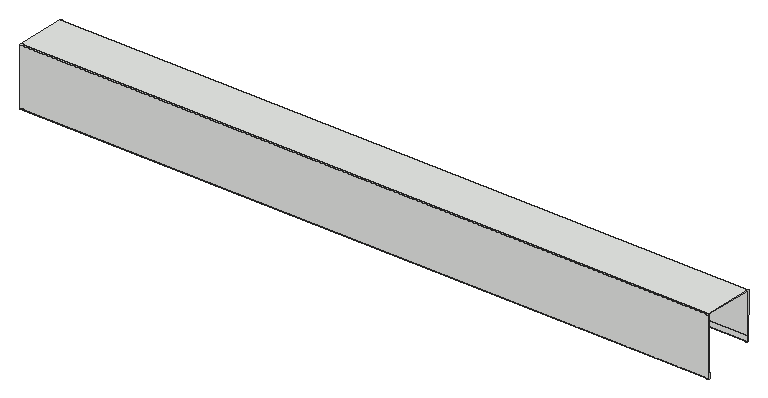
Revit family "profiles PR742 2015", category Generic Models, Revit 2015
Parameters (values of type "ISOLAMIN PR742 flashing")
  Profile Length [instance] = 1180 mm
Reference planes
  plane 1 "Center (Front/Back)": y = 0
  plane 2: z = 0
  plane 3 "Center (Left/Right)": x = 0
  plane 4: x = 1180
Forms (mm)
  Extrusion 1, solid, material "ISOLAMIN Surface Material"
    sketch origin (0, 171.546, -134.5) x (0, 1, 0) y (0, 0, 1)
      loop
        arc (-171.546, 234.957) -> (-171.839, 235.665) -> (-172.546, 235.957) r 1
        line (-172.546, 235.957) -> (-255.545, 235.957)
        arc (-255.545, 235.957) -> (-256.253, 235.665) -> (-256.545, 234.957) r 1
        line (-256.545, 234.957) -> (-256.545, 136.701)
        arc (-256.545, 136.701) -> (-255.545, 135.957) -> (-254.545, 136.701) r 1.044
        line (-254.545, 136.701) -> (-254.545, 145.257) -> (-255.545, 145.257) -> (-255.545, 234.957) -> (-172.546, 234.957) -> (-172.546, 165.257) -> (-173.546, 165.257) -> (-173.546, 156.701)
        arc (-173.546, 156.701) -> (-172.546, 155.957) -> (-171.546, 156.701) r 1.044
        line (-171.546, 156.701) -> (-171.546, 234.957)
    from 0 to 1180
Dimensions and locks
  "Profile Length": plane 3 "Center (Left/Right)" to plane 4
  aligned and locked: level to plane 2
  aligned and locked: plane 4 to Extrusion 1
Automatic sketch dimensions
  plane 1 "Center (Front/Back)" to Extrusion 1 sketch curve = 2 mm
  level to Extrusion 1 sketch curve = 30.757 mm
  Extrusion 1 sketch curve to Extrusion 1 sketch curve = 1 mm  (x3)
  Extrusion 1 sketch curve to Extrusion 1 sketch curve = 2 mm
  Extrusion 1 sketch curve to Extrusion 1 sketch curve = 8.556 mm  (x2)
  Extrusion 1 sketch curve to Extrusion 1 sketch curve = 0 mm  (x5)
  Extrusion 1 sketch curve to Extrusion 1 sketch curve = 69.7 mm
  Extrusion 1 sketch curve to Extrusion 1 sketch curve = 0.3 mm  (x2)
  Extrusion 1 sketch curve to Extrusion 1 sketch curve = 83 mm
  Extrusion 1 sketch curve to Extrusion 1 sketch curve = 20 mm
